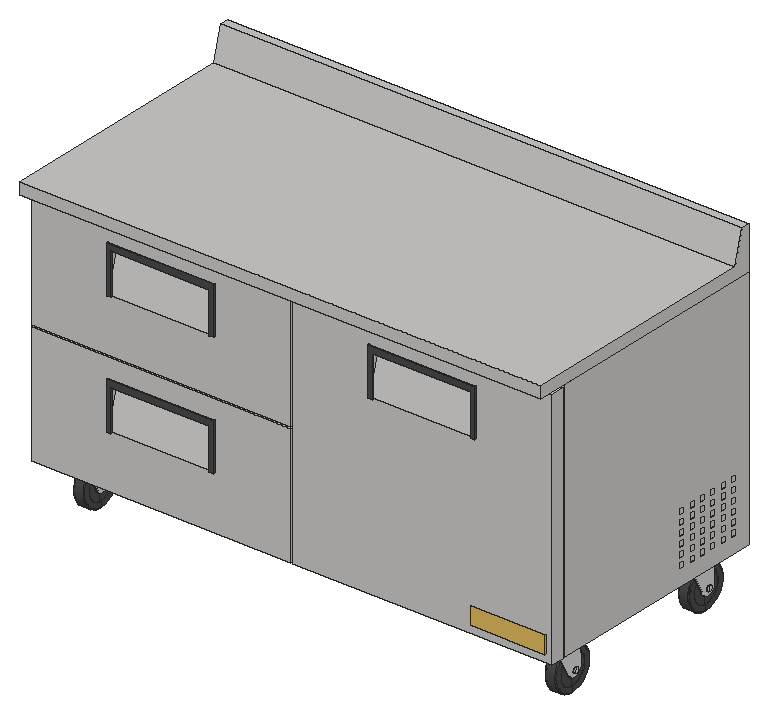
Revit family (continued)
Definition of nested family "True_TWT-60D-2"
  Automatic sketch dimensions
    Revolve 25 sketch curve to Revolve 25 sketch curve = 0.39592"
    level to Revolve 25 sketch curve = 2 1/2"
    Revolve 25 sketch curve to Revolve 25 sketch curve = 0"  (x2)
    Revolve 25 sketch curve to Revolve 25 sketch curve = 0.29941"  (x2)
    Revolve 25 sketch curve to Revolve 25 sketch curve = 1/4"  (x2)
    Revolve 25 sketch curve to Revolve 25 sketch curve = 1 1/4"
    Revolve 25 sketch curve to Revolve 25 sketch curve = 0.59652"
    Revolve 25 sketch curve to Revolve 25 sketch curve = 0.60059"
    Revolve 28 sketch curve to plane 7 = 0"
    Revolve 28 sketch curve to plane 7 = 0.63785"
    Revolve 28 sketch curve to plane 4 "RIGHT" = 1.45293"
    Revolve 28 sketch curve to Revolve 28 sketch curve = 1.39082"
    Revolve 28 sketch curve to Revolve 28 sketch curve = 0"
    plane 7 to Revolve 28 sketch curve = 0.26909"
    Revolve 28 sketch curve to Revolve 28 sketch curve = 0.09306"
    Revolve 30 sketch curve to plane 4 "RIGHT" = 1.33602"
    Revolve 30 sketch curve to Revolve 30 sketch curve = 0.48273"
    Revolve 30 sketch curve to Revolve 30 sketch curve = 0.4"  (x2)
    Revolve 30 sketch curve to Revolve 30 sketch curve = 0.1"  (x2)
    Revolve 30 sketch curve to Revolve 30 sketch curve = 0.16101"
    Revolve 30 sketch curve to Revolve 30 sketch curve = 0.59307"
    Revolve 30 sketch curve to Revolve 30 sketch curve = 0.92798"
    Revolve 30 sketch curve to Revolve 30 sketch curve = 0.06101"
    Revolve 30 sketch curve to Revolve 30 sketch curve = 0.16509"  (x2)
    Revolve 30 sketch curve to Revolve 30 sketch curve = 0.39592"
    Revolve 30 sketch curve to plane 7 = 1 3/16"
    Revolve 30 sketch curve to Revolve 30 sketch curve = 0.10408"
    Revolve 30 sketch curve to Revolve 30 sketch curve = 0.59652"
    Revolve 30 sketch curve to Revolve 30 sketch curve = 0.60059"
    Revolve 30 sketch curve to Revolve 30 sketch curve = 1 1/4"
    Revolve 30 sketch curve to Revolve 30 sketch curve = 0"
    Revolve 30 sketch curve to Revolve 30 sketch curve = 1/4"  (x2)
    Revolve 30 sketch curve to Revolve 30 sketch curve = 0.29941"  (x2)
    Revolve 33 sketch curve to plane 7 = 0"
    Revolve 33 sketch curve to plane 7 = 0.63785"
    Revolve 33 sketch curve to plane 4 "RIGHT" = 1.45293"
    Revolve 33 sketch curve to Revolve 33 sketch curve = 1.39082"
    Revolve 33 sketch curve to Revolve 33 sketch curve = 0"
    plane 7 to Revolve 33 sketch curve = 0.26909"
    Revolve 33 sketch curve to Revolve 33 sketch curve = 0.09306"
    Revolve 35 sketch curve to plane 4 "RIGHT" = 1.33602"
    Revolve 35 sketch curve to Revolve 35 sketch curve = 0.48273"
    Revolve 35 sketch curve to Revolve 35 sketch curve = 0.4"  (x2)
    Revolve 35 sketch curve to Revolve 35 sketch curve = 0.1"  (x2)
    Revolve 35 sketch curve to Revolve 35 sketch curve = 0.16101"
    Revolve 35 sketch curve to Revolve 35 sketch curve = 0.59307"
    Revolve 35 sketch curve to Revolve 35 sketch curve = 0.92798"
    Revolve 35 sketch curve to Revolve 35 sketch curve = 0.06101"
    Revolve 35 sketch curve to Revolve 35 sketch curve = 0.16509"  (x2)
    Revolve 35 sketch curve to Revolve 35 sketch curve = 0.39592"
    Revolve 35 sketch curve to plane 7 = 1 3/16"
    Revolve 35 sketch curve to Revolve 35 sketch curve = 0.10408"
    Revolve 35 sketch curve to Revolve 35 sketch curve = 0.59652"
    Revolve 35 sketch curve to Revolve 35 sketch curve = 0.60059"
    Revolve 35 sketch curve to Revolve 35 sketch curve = 1 1/4"
    Revolve 35 sketch curve to Revolve 35 sketch curve = 0"
    Revolve 35 sketch curve to Revolve 35 sketch curve = 1/4"  (x2)
    Revolve 35 sketch curve to Revolve 35 sketch curve = 0.29941"  (x2)
    Extrusion 37 sketch curve to plane 7 = 0"
    Extrusion 37 sketch curve to plane 7 = 2 5/16"
    plane 3 "LEFT" to Extrusion 37 sketch curve = 22 15/16"
    Extrusion 37 sketch curve to Extrusion 37 sketch curve = 12 5/8"
    Extrusion 38 sketch curve to plane 4 "RIGHT" = 0"
    Extrusion 38 sketch curve to plane 5 "FRONT" = 1.61049"
    Extrusion 38 sketch curve to plane 4 "RIGHT" = 30 1/32"
    plane 3 "LEFT" to Extrusion 39 sketch curve = 0"
    Extrusion 39 sketch curve to plane 5 "FRONT" = 1.61049"
    plane 3 "LEFT" to Extrusion 39 sketch curve = 30 1/32"
    plane 5 "FRONT" to Extrusion 39 sketch curve = 19 11/16"
    plane 3 "LEFT" to Extrusion 40 sketch curve = 0"
    Extrusion 40 sketch curve to plane 7 = 0"
    plane 7 to Extrusion 40 sketch curve = 6.21776"
    Extrusion 40 sketch curve to Extrusion 40 sketch curve = 5 1/2"
    Extrusion 40 sketch curve to Extrusion 40 sketch curve = 2.22073"
    Extrusion 40 sketch curve to Extrusion 40 sketch curve = 7/32"
    Extrusion 40 sketch curve to Extrusion 40 sketch curve = 8.65724"
    Extrusion 40 sketch curve to plane 6 "TOP" = 3 7/8"
    Extrusion 40 sketch curve to plane 6 "TOP" = 1.65427"
    Split face 1 sketch curve to Extrusion 14 = 1/8"  (x4)
    Split face 2 sketch curve to Extrusion 14 = 0.25767"
    Split face 2 sketch curve to Extrusion 14 = 0.2"  (x2)
    Split face 2 sketch curve to Extrusion 14 = 1.18298"
    Split face 2 sketch curve to Split face 2 sketch curve = 1.70946"  (x2)
    Split face 3 sketch curve to Extrusion 14 = 0.52695"  (x2)
    Split face 3 sketch curve to Extrusion 14 = 3.22707"
    Split face 3 sketch curve to Split face 3 sketch curve = 0.07873"  (x5)
    Split face 3 sketch curve to Split face 3 sketch curve = 0.77414"
    Split face 3 sketch curve to Split face 3 sketch curve = 0.03432"
    Split face 3 sketch curve to Split face 3 sketch curve = 0.06431"
    Split face 3 sketch curve to Split face 3 sketch curve = 0.25054"
    Split face 3 sketch curve to Extrusion 14 = 0.60213"
    Split face 3 sketch curve to Split face 3 sketch curve = 0.02261"  (x2)
    Split face 3 sketch curve to Extrusion 14 = 0.99985"
    Split face 3 sketch curve to Split face 3 sketch curve = 0.21813"
    Split face 3 sketch curve to Split face 3 sketch curve = 0.02408"
    Split face 3 sketch curve to Split face 3 sketch curve = 0.06023"
    Split face 3 sketch curve to Extrusion 14 = 0.35812"  (x2)
    Split face 3 sketch curve to Split face 3 sketch curve = 0.11378"
    Split face 3 sketch curve to Split face 3 sketch curve = 0.14695"
    Split face 3 sketch curve to Split face 3 sketch curve = 0.34493"
    Split face 3 sketch curve to Split face 3 sketch curve = 0.01637"
    Split face 3 sketch curve to Extrusion 14 = 0.96729"
    Split face 3 sketch curve to Split face 3 sketch curve = 0.09412"
    Split face 3 sketch curve to Split face 3 sketch curve = 0.13853"
    Split face 3 sketch curve to Extrusion 14 = 0.66434"
    Split face 3 sketch curve to Split face 3 sketch curve = 0.17302"
    Split face 3 sketch curve to Split face 3 sketch curve = 0.10273"
    Split face 3 sketch curve to Split face 3 sketch curve = 0.00676"
    Split face 3 sketch curve to Split face 3 sketch curve = 0.01053"
    Split face 3 sketch curve to Split face 3 sketch curve = 0.27691"
    Split face 3 sketch curve to Split face 3 sketch curve = 0.09352"
    Split face 3 sketch curve to Split face 3 sketch curve = 0.05688"
    Split face 3 sketch curve to Split face 3 sketch curve = 0.06293"
    Split face 3 sketch curve to Split face 3 sketch curve = 0.19074"
    Split face 3 sketch curve to Split face 3 sketch curve = 0.01406"
    Split face 3 sketch curve to Split face 3 sketch curve = 0.03026"
    Split face 3 sketch curve to Split face 3 sketch curve = 0.04866"
    Split face 3 sketch curve to Split face 3 sketch curve = 0.06314"
    Split face 3 sketch curve to Split face 3 sketch curve = 0.00607"
    Split face 3 sketch curve to Extrusion 14 = 0.74307"
    Split face 3 sketch curve to Split face 3 sketch curve = 0.16421"
    Split face 3 sketch curve to Split face 3 sketch curve = 0.16334"
    Split face 3 sketch curve to Split face 3 sketch curve = 0.08623"
    Split face 3 sketch curve to Split face 3 sketch curve = 0.34756"
    Split face 3 sketch curve to Split face 3 sketch curve = 0.00399"
    Split face 3 sketch curve to Split face 3 sketch curve = 0.06907"
    Split face 3 sketch curve to Split face 3 sketch curve = 0.06966"
    Split face 3 sketch curve to Split face 3 sketch curve = 0.11037"
    Split face 3 sketch curve to Split face 3 sketch curve = 0.05796"
    Split face 3 sketch curve to Split face 3 sketch curve = 0.14943"
    Split face 3 sketch curve to Split face 3 sketch curve = 0.03223"
    Split face 3 sketch curve to Split face 3 sketch curve = 0.24167"
    Split face 3 sketch curve to Split face 3 sketch curve = 0.04402"
    Split face 3 sketch curve to Extrusion 14 = 0.59505"  (x2)
    Split face 3 sketch curve to Split face 3 sketch curve = 0.12306"
    Split face 3 sketch curve to Split face 3 sketch curve = 0.20358"
    Split face 3 sketch curve to Split face 3 sketch curve = 0.03919"
    Split face 3 sketch curve to Split face 3 sketch curve = 0.07455"
    Split face 3 sketch curve to Split face 3 sketch curve = 0.0515"
    Split face 3 sketch curve to Extrusion 14 = 0.98222"
    Split face 3 sketch curve to Split face 3 sketch curve = 0.09893"
    Split face 3 sketch curve to Extrusion 14 = 0.99658"
    Split face 3 sketch curve to Split face 3 sketch curve = 0.1303"
    Split face 3 sketch curve to Split face 3 sketch curve = 0.03943"
    Split face 3 sketch curve to Split face 3 sketch curve = 0.39771"
    Split face 3 sketch curve to Split face 3 sketch curve = 0.07387"
    Split face 3 sketch curve to Split face 3 sketch curve = 0.11917"
    Split face 3 sketch curve to Split face 3 sketch curve = 0.34773"
    Split face 3 sketch curve to Split face 3 sketch curve = 0.00434"
    Split face 3 sketch curve to Split face 3 sketch curve = 0.06122"
    Split face 3 sketch curve to Extrusion 14 = 0.98333"
    Split face 3 sketch curve to Split face 3 sketch curve = 0.12218"
    Split face 3 sketch curve to Split face 3 sketch curve = 0.0939"
    Split face 3 sketch curve to Split face 3 sketch curve = 13/128"
    Split face 3 sketch curve to Split face 3 sketch curve = 0.01731"
    Split face 3 sketch curve to Split face 3 sketch curve = 0.02865"
    Split face 3 sketch curve to Split face 3 sketch curve = 0.03383"
    Split face 3 sketch curve to Split face 3 sketch curve = 0.04242"
    Split face 3 sketch curve to Split face 3 sketch curve = 0.06833"
    Split face 3 sketch curve to Split face 3 sketch curve = 0.12564"
    Split face 3 sketch curve to Split face 3 sketch curve = 0.02124"
    Split face 3 sketch curve to Split face 3 sketch curve = 0.22186"
    Split face 3 sketch curve to Split face 3 sketch curve = 0.12022"
    Split face 3 sketch curve to Split face 3 sketch curve = 0.1388"
    Split face 3 sketch curve to Split face 3 sketch curve = 0.07457"
    Split face 3 sketch curve to Extrusion 14 = 0.53186"
    Split face 3 sketch curve to Split face 3 sketch curve = 0.11019"
    Split face 3 sketch curve to Split face 3 sketch curve = 0.02073"
    Split face 3 sketch curve to Split face 3 sketch curve = 0.01577"
    Split face 3 sketch curve to Split face 3 sketch curve = 0.08988"
    Split face 3 sketch curve to Split face 3 sketch curve = 0.06927"
    Split face 3 sketch curve to Split face 3 sketch curve = 0.34665"
    Split face 3 sketch curve to Split face 3 sketch curve = 0.10832"
    Split face 3 sketch curve to Split face 3 sketch curve = 0.04505"
    Split face 3 sketch curve to Split face 3 sketch curve = 0.08242"
    Split face 3 sketch curve to Split face 3 sketch curve = 0.09397"
    Split face 3 sketch curve to Split face 3 sketch curve = 0.05042"
    Split face 3 sketch curve to Split face 3 sketch curve = 0.0943"
    Split face 3 sketch curve to Split face 3 sketch curve = 0.1064"
    Split face 3 sketch curve to Split face 3 sketch curve = 0.12234"
    Split face 3 sketch curve to Split face 3 sketch curve = 0.02934"
    Split face 3 sketch curve to Split face 3 sketch curve = 0.02827"
    Split face 3 sketch curve to Split face 3 sketch curve = 0.06372"
    Split face 3 sketch curve to Split face 3 sketch curve = 0.0694"
    Split face 3 sketch curve to Split face 3 sketch curve = 0.07625"
    Split face 3 sketch curve to Split face 3 sketch curve = 0.03711"
    Split face 3 sketch curve to Split face 3 sketch curve = 0.06941"
    Split face 3 sketch curve to Split face 3 sketch curve = 0.05489"
    Split face 3 sketch curve to Split face 3 sketch curve = 0.19512"
    Split face 3 sketch curve to Split face 3 sketch curve = 0.03201"
    Split face 3 sketch curve to Split face 3 sketch curve = 0.08408"
    Split face 3 sketch curve to Split face 3 sketch curve = 0.16133"
    Split face 3 sketch curve to Split face 3 sketch curve = 0.04305"
    Split face 3 sketch curve to Split face 3 sketch curve = 0.16883"
    Split face 4 sketch curve to Extrusion 14 = 0.82603"
    Split face 4 sketch curve to Extrusion 14 = 1.351"
    Split face 4 sketch curve to Extrusion 14 = 0.7758"
    Split face 4 sketch curve to Split face 4 sketch curve = 0.01633"
    Split face 4 sketch curve to Split face 4 sketch curve = 0.02586"
    Split face 4 sketch curve to Split face 4 sketch curve = 0.03805"
    Split face 4 sketch curve to Split face 4 sketch curve = 0.23951"
    Split face 4 sketch curve to Split face 4 sketch curve = 0.03026"
    Split face 4 sketch curve to Extrusion 14 = 0.83498"
    Split face 4 sketch curve to Split face 4 sketch curve = 0.03624"
    Split face 4 sketch curve to Split face 4 sketch curve = 0.01949"
    Split face 4 sketch curve to Split face 4 sketch curve = 0.02276"
    Split face 4 sketch curve to Split face 4 sketch curve = 0.02415"
    Extrusion 41 sketch curve to plane 3 "LEFT" = 0"
    Extrusion 41 sketch curve to plane 5 "FRONT" = 1.61049"
    plane 3 "LEFT" to Extrusion 41 sketch curve = 30 1/32"
    Extrusion 6 sketch curve to plane 4 "RIGHT" = 3 7/16"
    radius of Extrusion 4 sketch curve = 15/32"
    radius of Extrusion 5 sketch curve = 15/32"
    radius of Extrusion 6 sketch curve = 1/4"
